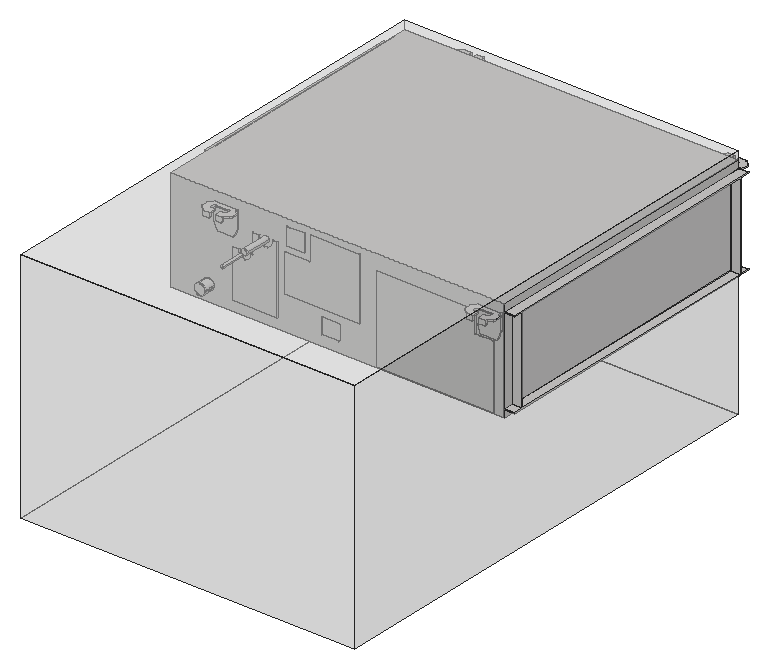
Revit family "outputfile", category 機械設備, Revit 2024
Family settings
  丸型コネクタ寸法 = 半径を使用
  パーツ タイプ = 標準
  OmniClass 番号 = 23.75.10.24.21.27.27
  OmniClass タイトル = Split System Air Conditioning Units
  作業面ベース = いいえ
  常に垂直 = はい
  ロード時にボイドで切り取り = いいえ
  注釈の向きを維持 = いいえ
  共有 = いいえ
  部屋計算ポイント = はい
Parameters (values of type "FBFC13EV2S")
  製造元 = "Daikin"
  書き出し IFC クラス(タイプ) = "IfcUnitaryEquipmentType"
  定義済み IFC タイプ(タイプ) = "AIRCONDITIONINGUNIT"
  モデル = "FBFC13EV2S"
  switch_frequency = yes
  r_Liquid Pipe Size = Liquid Pipe Size / 2  # 3.2 mm
  r_Gas Pipe Size = Gas Pipe Size / 2  # 6.35 mm
  r_Drain Pipe Size = Drain Pipe Size / 2  # 12.5 mm
  lw_power = 770.0 mm  # constant formula
  lh_SA = 138.0 mm  # constant formula
  lw_SA = if(Width = 550.0 mm, 225.0 mm, if(Width = 700.0 mm, 300.0 mm, if(Width = 1000.0 mm, 450.0 mm, if(Width = 1400.0 mm, 650.0 mm, 725.0 mm))))  # 300.0 mm
  lw_RA = if(Width = 550.0 mm, 275.0 mm, if(Width = 700.0 mm, 349.0 mm, if(Width = 1000.0 mm, 499.0 mm, if(Width = 1400.0 mm, 699.0 mm, 775.0 mm))))  # 349.0 mm
  lh_power = 60.0 mm + [h***]  # 60.0 mm
  lh_mountinghole1 = lh_mountinghole + [h***]  # 222.0 mm
  lh_RA = 123.0 mm  # constant formula
  ld_power = Width / 2  # 350.0 mm
  connector_voltage = Voltage_50Hz  # 220 V
  connector_powerinput = [Power Input (Cooling)]  # 1.120 kW
  connector_phase = Phase_50Hz  # 1
  Width = 700.0 mm
  Voltage_comment_50Hz = "220"
  Voltage_50Hz = 220 V
  Supply Air Direction [instance] = yes
  Phase_50Hz = 1
  Minimum External Static Pressure = 30.00 Pa
  Maximum External Static Pressure = 130.00 Pa
  Material_Casing = DAIKIN_GalvanizedSteel_Casing_indoorunit
  lw_mountinghole = 630.0 mm  # constant formula
  lh_gaspipe = 183.0 mm + [h***]  # 183.0 mm
  lh_mountinghole = 222.0 mm  # constant formula
  lh_liquidpipe = 136.0 mm + [h***]  # 136.0 mm
  lh_drainpipe = 38.0 mm + [h***]  # 38.0 mm
  lh_antena = Height - lh_mountinghole + 1.0 mm  # 24.0 mm
  ld_drainpipe = Width / 2 + 26.0 mm  # 376.0 mm
  ld_liquidpipe = Width / 2 + 69.0 mm  # 419.0 mm
  ld_gaspipe = Width / 2 + 65.0 mm  # 415.0 mm
  ld_mountinghole = Width + 38.0 mm  # 738.0 mm
  h*** = 0.0 mm  # constant formula
  lw_liquidpipe = 179.0 mm  # constant formula
  lw_gaspipe = 229.0 mm  # constant formula
  lw_drainpipe = 91.0 mm  # constant formula
  Version = "ver.1.0"
  Unit Type = "Duct"
  Unit Mass Weight = 26.00 kg
  Unit Designation [instance] = ""
  Uniclass2015Version = "Products v1.30"
  Uniclass2015Title = "Split coil room air conditioning units"
  Uniclass2015Code = "Pr_70_65_03_86"
  Total Cooling Capacity [instance] = 0.000 kW
  Sound Pressure Level_M speed (dBA) = 35
  Sound Pressure Level_L speed (dBA) = 30
  Sound Pressure Level_H speed (dBA) = 37
  Series = "SkyAir_Fan Coil Unit"
  Sensible Cooling Capacity [instance] = 0.000 kW
  SA Duct Size Width = 492.0 mm
  SA Duct Size Height = 176.0 mm
  Refrigerant Type = "R32"
  RA Duct Size Width = 654.0 mm
  RA Duct Size Height = 208.0 mm
  Power Input (Cooling) = 1.120 kW
  Option Accessory 3 [instance] = ""
  Option Accessory 2 [instance] = ""
  Option Accessory 1 [instance] = ""
  Nominal Cooling Capacity = 3.800 kW
  Minimum Airflow = 540.00 m³/h
  Median Airflow = 720.00 m³/h
  Maximum Airflow = 930.00 m³/h
  Load Classification = HVAC
  Liquid Pipe Size = 6.4 mm
  Link_Nested Family [instance] = ""
  IfcVersion = ""
  IfcExportType = "AIRCONDITIONINGUNIT"
  IfcExportAs = "IfcUnitaryEquipmentType"
  Height = 245.0 mm
  Heat Exchanger Type = "Cross Fin Coil"
  Gas Pipe Size = 12.7 mm
  Frequency_50Hz = 50 Hz
  Fan Type = "Sirocco Fan"
  Fan Drive = "Direct Drive"
  FCU Tag No. [instance] = ""
  Drain Pipe Size = 25.0 mm
  Design Supply Airflow [instance] = 0.00 m³/h
  Design Return Airflow [instance] = 0.00 m³/h
  Design External Static Pressure [instance] = 0.00 Pa
  既定の高さ = 0.0 mm
  Depth = 800.0 mm
  Cooling Entering Wet Bulb Temperature [instance] = 0.00 °C
  Cooling Entering Dry Bulb Temperature [instance] = 0.00 °C
  Cooling Ambient Wet Bulb Temperature [instance] = 0.00 °C
  Cooling Ambient Dry Bulb Temperature [instance] = 0.00 °C
  Clearance visibility [instance] = yes
  Clearance Top = 20.0 mm
  Clearance Right = 0.0 mm
  Clearance Rear = 0.0 mm
  Clearance Left = 0.0 mm
  Clearance Front = 450.0 mm
  Clearance Bottom = 300.0 mm
Reference planes
  plane 1 "Center (Front/Back)": y = 0
  plane 2 "h": z = 0
  plane 3 "Center (Left/Right)": x = 0
  plane 4 "Back": y = 350
  plane 5 "Front": y = -350
  plane 6 "Left": x = -400
  plane 7 "Right": x = 400
  plane 8 "Top": z = 0
  plane 9 "Bottom": z = -245
  plane 10: y = -215
  plane 11: y = 350
  plane 12: y = -800
  plane 13: x = -400
  plane 14: x = 400
  plane 15: z = 20
  plane 16: z = -545
  plane 17: x = -400
  plane 18: x = -399
  plane 19: x = 399
  plane 20: y = 50
  plane 21: y = -1
  plane 22: z = -122
  plane 23: y = -351
  plane 24: z = -109
  plane 25: x = -221
  plane 26: y = -415
  plane 27: z = -62
  plane 28: x = -171
  plane 29: y = -376
  plane 30: z = -207
  plane 31: x = -309
  plane 32: x = -309
  plane 33: x = -221
  plane 34: x = -171
  plane 35: x = 370
  plane 36: x = -266
  plane 37: x = 364
  plane 38: y = -369
  plane 39: y = 369
  plane 40: z = -23
  plane 41: z = -107
  plane 42: y = -419
  plane 43: z = -207
  plane 44: x = -309
  plane 45: y = -376
  plane 46: x = -251
  plane 47: x = -203
  plane 48: x = -144
  plane 49: z = -59
  plane 50: z = -106
  plane 51: z = -221
  plane 52: z = -109
  plane 53: x = -221
  plane 54: z = -62
  plane 55: x = -171
  plane 56: z = -17
  plane 57: z = -59
  plane 58: x = -121
  plane 59: x = -79
  plane 60: x = -125
  plane 61: x = -64
  plane 62: x = 53
  plane 63: z = -164
  plane 64: z = -73
  plane 65: z = -16
  plane 66: x = 93.5
  plane 67: x = 374.5
  plane 68: x = 330
  plane 69: z = -88.5
  plane 70: z = -38
  plane 71: z = -242.5
  plane 72: x = -38.5
  plane 73: x = 6.5
  plane 74: z = -181
  plane 75: z = -221
  plane 76: y = -349
  plane 77: x = -424
  plane 78: x = 424
Forms (mm)
  Extrusion 1, solid, material "DAIKIN_GalvanizedSteel_Casing_indoorunit" <- "Material_Casing"
    sketch origin (0, 0, 0) x (1, 0, 0) y (0, 1, 0)
      loop
        line (-399, 350) -> (-399, -350) -> (399, -350) -> (399, 350) -> (-399, 350)
    from -245 to 0
  Extrusion 2, solid, material "DAIKIN_GalvanizedSteel_Casing_indoorunit" <- "Material_Casing"
    sketch origin (0, 0, 0) x (1, 0, 0) y (0, 0, 1)
      loop
        line (-251, -221) -> (-144, -221) -> (-144, -59) -> (-154.47, -59)
        arc (-154.47, -59) -> (-171, -78.8) -> (-187.53, -59) r 16.8
        line (-187.53, -59) -> (-203, -59) -> (-203, -106) -> (-206.916, -106)
        arc (-206.916, -106) -> (-221, -123.4) -> (-235.084, -106) r 14.4
        line (-235.084, -106) -> (-251, -106) -> (-251, -221)
    from 350 to 351
  Extrusion 3, solid, material "DAIKIN_GalvanizedSteel_Casing_indoorunit" <- "Material_Casing"
    sketch origin (0, 0, 0) x (1, 0, 0) y (0, 0, 1)
      loop
        line (-121, -17) -> (-121, -59) -> (-79, -59) -> (-79, -17) -> (-121, -17)
      loop
        line (-125, -73) -> (-125, -164) -> (53, -164) -> (53, -16) -> (-64, -16) -> (-64, -73) -> (-125, -73)
    from 350 to 351
  Extrusion 4, solid, material "DAIKIN_GalvanizedSteel_Casing_indoorunit" <- "Material_Casing"
    sketch origin (0, 0, 0) x (1, 0, 0) y (0, 0, 1)
      loop
        line (93.5, -38) -> (93.5, -242.5) -> (374.5, -242.5) -> (374.5, -88.5) -> (330, -88.5) -> (330, -38) -> (93.5, -38)
    from 350 to 351
  Extrusion 5, solid, material "DAIKIN_GalvanizedSteel_Casing_indoorunit" <- "Material_Casing"
    sketch origin (0, 0, 0) x (1, 0, 0) y (0, 0, 1)
      loop
        circle (-221, -109) r 3.2
    from 350 to 419
  Extrusion 6, solid, material "DAIKIN_GalvanizedSteel_Casing_indoorunit" <- "Material_Casing"
    sketch origin (0, 0, 0) x (1, 0, 0) y (0, 0, 1)
      loop
        circle (-171, -62) r 6.35
    from 350 to 415
  Extrusion 7, solid, material "DAIKIN_GalvanizedSteel_Casing_indoorunit" <- "Material_Casing"
    sketch origin (0, 0, 0) x (1, 0, 0) y (0, 0, 1)
      loop
        circle (-309, -207) r 12.5
    from 351 to 376
  Extrusion 8, solid, material "DAIKIN_GalvanizedSteel_Casing_indoorunit" <- "Material_Casing"
    sketch origin (0, 0, 0) x (1, 0, 0) y (0, 0, 1)
      loop
        circle (-309, -207) r 13
    from 350 to 376
  Extrusion 9, void
    sketch origin (0, 0, 0) x (1, 0, 0) y (0, 0, 1)
      loop
        line (-38.5, -181) -> (-38.5, -221) -> (6.5, -221) -> (6.5, -181) -> (-38.5, -181)
    from 349 to 350
Cuts and joins
  Extrusion 9 cuts Extrusion 1
Dimensions and locks
  "Height": plane 8 "Top" to plane 9 "Bottom"
  equal spacing: plane 4 "Back", plane 1 "Center (Front/Back)", plane 5 "Front"
  "Width": plane 4 "Back" to plane 5 "Front"
  equal spacing: plane 6 "Left", plane 3 "Center (Left/Right)", plane 7 "Right"
  "Depth": plane 6 "Left" to plane 7 "Right"
  "Clearance Left": plane 13 to plane 6 "Left"
  "Clearance Right": plane 7 "Right" to plane 14
  "Clearance Rear": plane 11 to plane 4 "Back"
  "Clearance Front": plane 5 "Front" to plane 12
  "Clearance Top": plane 15 to plane 8 "Top"
  "Clearance Bottom": plane 9 "Bottom" to plane 16
  locked: plane 17 to plane 18 at 1
  locked: plane 19 to plane 14 at 1
  "lw_RA": plane 21 to plane 5 "Front"
  "lh_RA": plane 22 to plane 9 "Bottom"
  locked: plane 5 "Front" to plane 23 at 1
  "lw_liquidpipe": plane 25 to plane 6 "Left"
  "lh_liquidpipe": plane 24 to plane 9 "Bottom"
  "lh_gaspipe": plane 27 to plane 9 "Bottom"
  "lw_gaspipe": plane 28 to plane 6 "Left"
  "ld_gaspipe": plane 26 to plane 1 "Center (Front/Back)"
  "ld_drainpipe": plane 29 to plane 1 "Center (Front/Back)"
  "lh_drainpipe": plane 30 to plane 9 "Bottom"
  "lw_drainpipe": plane 31 to plane 6 "Left"
  "lw_drainpipe": plane 6 "Left" to plane 32
  "lw_liquidpipe": plane 6 "Left" to plane 33
  "lw_gaspipe": plane 6 "Left" to plane 34
  "lw_power": plane 6 "Left" to plane 35
  locked: plane 17 to plane 36 at 134
  "lw_mountinghole": plane 36 to plane 37
  equal spacing: plane 38, plane 1 "Center (Front/Back)", plane 39
  "ld_mountinghole": plane 39 to plane 38
  "lh_mountinghole": plane 40 to plane 9 "Bottom"
  "lh_SA": plane 41 to plane 9 "Bottom"
  locked: plane 44 to plane 6 "Left" at 91
  locked: plane 43 to plane 9 "Bottom" at 38
  locked: plane 5 "Front" to plane 45 at 26
  plane 48 to plane 47 to plane 46 to plane 6 "Left" = 59.0 mm, 48.0 mm, 149.0 mm
  plane 8 "Top" to plane 49 to plane 50 to plane 51 = 59.0 mm locked, 47.0 mm locked, 115.0 mm locked
  plane 55 to plane 53 to plane 6 "Left" = 50.0 mm locked, 179.0 mm locked
  plane 54 to plane 52 to plane 9 "Bottom" = 47.0 mm locked, 136.0 mm locked
  plane 59 to plane 58 to plane 6 "Left" = 42.0 mm locked, 279.0 mm locked
  plane 8 "Top" to plane 56 to plane 57 = 17.0 mm locked, 42.0 mm locked
  plane 62 to plane 61 to plane 60 to plane 6 "Left" = 117.0 mm, 61.0 mm, 275.0 mm
  plane 8 "Top" to plane 65 to plane 64 = 16.0 mm locked, 57.0 mm locked
  locked: plane 65 to plane 63 at 148
  plane 8 "Top" to plane 70 to plane 69 to plane 71 = 38.0 mm locked, 50.5 mm locked, 154.0 mm locked
  plane 67 to plane 68 to plane 66 to plane 6 "Left" = 44.5 mm locked, 236.5 mm locked, 493.5 mm locked
  plane 8 "Top" to plane 74 to plane 75 = 181.0 mm locked, 40.0 mm locked
  plane 73 to plane 72 to plane 6 "Left" = 45.0 mm, 361.5 mm
  locked: plane 76 to plane 5 "Front" at 1
  locked: plane 77 to plane 17 at 24
  locked: plane 14 to plane 78 at 24
  "ld_liquidpipe": plane 42 to plane 1 "Center (Front/Back)"
  "lw_SA": plane 4 "Back" to plane 20
  "r_Liquid Pipe Size": radius of Extrusion 5 sketch curve
  "r_Gas Pipe Size": radius of Extrusion 6 sketch curve
  "r_Drain Pipe Size": radius of Extrusion 7 sketch curve
  aligned and locked: level to plane 2 "h"
  aligned and locked: plane 8 "Top" to Extrusion 1
  aligned and locked: Extrusion 1 to plane 9 "Bottom"
  aligned and locked: nested 5 to plane 12
  aligned and locked: plane 13 to nested 5
  aligned and locked: plane 14 to nested 5
  aligned and locked: nested 5 to plane 13
  aligned and locked: plane 11 to nested 5
  aligned and locked: plane 15 to nested 5
  aligned and locked: plane 16 to nested 5
  aligned and locked: plane 5 "Front" to Extrusion 1 sketch curve
  aligned and locked: Extrusion 1 to plane 18
  aligned and locked: plane 19 to Extrusion 1
  aligned and locked: nested 7 to plane 18
  aligned and locked: nested 7 to plane 20
  aligned and locked: plane 19 to nested 8
  aligned and locked: plane 21 to nested 8
  aligned and locked: plane 22 to nested 8
  aligned and locked: Extrusion 2 to plane 23
  aligned and locked: plane 5 "Front" to Extrusion 2
  aligned and locked: Extrusion 3 to plane 23
  aligned and locked: plane 5 "Front" to Extrusion 3
  aligned and locked: plane 5 "Front" to Extrusion 4
  aligned and locked: Extrusion 5 sketch curve to plane 25
  aligned and locked: plane 24 to Extrusion 5 sketch curve
  aligned and locked: plane 5 "Front" to Extrusion 5
  aligned and locked: Extrusion 6 sketch curve to plane 28
  aligned and locked: plane 27 to Extrusion 6 sketch curve
  aligned and locked: plane 5 "Front" to Extrusion 6
  aligned and locked: Extrusion 7 sketch curve to plane 31
  aligned and locked: plane 30 to Extrusion 7 sketch curve
  aligned and locked: Extrusion 7 to plane 29
  aligned and locked: plane 23 to Extrusion 7
  aligned and locked: nested 3 to plane 29
  aligned and locked: plane 32 to nested 3
  aligned and locked: nested 2 to plane 33
  aligned and locked: nested 1 to plane 34
  aligned and locked: Extrusion 6 to plane 26
  aligned and locked: nested 1 to plane 26
  aligned and locked: nested 6 to plane 5 "Front"
  aligned and locked: nested 6 to plane 35
  aligned and locked: plane 36 to nested 10
  aligned and locked: nested 10 to plane 5 "Front"
  aligned and locked: plane 37 to nested 9
  aligned and locked: nested 9 to plane 5 "Front"
  aligned and locked: nested 11 to plane 36
  aligned and locked: plane 4 "Back" to nested 11
  aligned and locked: nested 12 to plane 37
  aligned and locked: plane 4 "Back" to nested 12
  aligned and locked: plane 40 to nested 10
  aligned and locked: plane 40 to nested 11
  aligned and locked: plane 40 to nested 9
  aligned and locked: plane 40 to nested 12
  aligned and locked: plane 36 to nested 14
  aligned and locked: nested 14 to plane 39
  aligned and locked: plane 37 to nested 13
  aligned and locked: nested 13 to plane 39
  aligned and locked: plane 37 to nested 16
  aligned and locked: plane 38 to nested 16
  aligned and locked: plane 38 to nested 15
  aligned and locked: plane 36 to nested 15
  aligned and locked: plane 17 to plane 6 "Left"
  aligned and locked: plane 41 to nested 7
  aligned and locked: Extrusion 5 to plane 42
  aligned and locked: nested 2 to plane 42
  aligned and locked: Extrusion 8 sketch curve to plane 44
  aligned and locked: plane 43 to Extrusion 8 sketch curve
  aligned and locked: plane 5 "Front" to Extrusion 8
  aligned and locked: plane 45 to Extrusion 8
  aligned and locked: Extrusion 3 sketch curve to plane 56
  aligned and locked: Extrusion 3 sketch curve to plane 58
  aligned and locked: plane 57 to Extrusion 3 sketch curve
  aligned and locked: plane 59 to Extrusion 3 sketch curve
  aligned and locked: Extrusion 4 to plane 23
  aligned and locked: Extrusion 9 sketch curve to plane 74
  aligned and locked: plane 75 to Extrusion 9 sketch curve
  aligned and locked: plane 73 to Extrusion 9 sketch curve
  aligned and locked: plane 5 "Front" to Extrusion 9
  aligned and locked: plane 76 to Extrusion 9
  aligned and locked: nested 17 to plane 20
  aligned and locked: nested 17 to plane 77
  aligned and locked: plane 21 to nested 18
  aligned and locked: plane 78 to nested 18
  aligned and locked: plane 41 to nested 17
  aligned and locked: nested 18 to plane 22
  aligned and locked: nested 4 to plane 3 "Center (Left/Right)"
  aligned and locked: plane 1 "Center (Front/Back)" to nested 4
  aligned and locked: level to plane 8 "Top"
Automatic sketch dimensions
  plane 6 "Left" to Extrusion 1 sketch curve = 1.0 mm
  Extrusion 1 sketch curve to plane 7 "Right" = 1.0 mm
  Extrusion 1 sketch curve to plane 4 "Back" = 0.0 mm
  Extrusion 2 sketch curve to plane 46 = 0.0 mm
  Extrusion 2 sketch curve to plane 33 = 0.0 mm
  Extrusion 2 sketch curve to plane 47 = 0.0 mm
  Extrusion 2 sketch curve to plane 34 = 0.0 mm
  Extrusion 2 sketch curve to plane 48 = 0.0 mm
  Extrusion 2 sketch curve to plane 51 = 0.0 mm
  Extrusion 2 sketch curve to plane 52 = 0.0 mm
  Extrusion 2 sketch curve to plane 50 = 0.0 mm  (x3)
  Extrusion 2 sketch curve to plane 54 = 0.0 mm
  Extrusion 2 sketch curve to plane 49 = 0.0 mm  (x3)
  plane 33 to Extrusion 2 sketch curve = 14.084 mm
  plane 34 to Extrusion 2 sketch curve = 16.53 mm
  Extrusion 3 sketch curve to plane 60 = 0.0 mm
  Extrusion 3 sketch curve to plane 61 = 0.0 mm
  Extrusion 3 sketch curve to plane 62 = 0.0 mm
  Extrusion 3 sketch curve to plane 63 = 0.0 mm
  Extrusion 3 sketch curve to plane 64 = 0.0 mm
  Extrusion 3 sketch curve to plane 65 = 0.0 mm
  Extrusion 4 sketch curve to plane 66 = 0.0 mm
  Extrusion 4 sketch curve to plane 68 = 0.0 mm
  Extrusion 4 sketch curve to plane 67 = 0.0 mm
  Extrusion 4 sketch curve to plane 71 = 0.0 mm
  Extrusion 4 sketch curve to plane 69 = 0.0 mm
  Extrusion 4 sketch curve to plane 70 = 0.0 mm
  Extrusion 9 sketch curve to plane 72 = 0.0 mm
  radius of Extrusion 8 sketch curve = 13.0 mm
Nested families
  nested 1: "daikin_connector_rotate2" at (-171, 0, -62), length <- "ld_gaspipe", built-in parameter 1001364 <- "lh_gaspipe", radius <- "r_Gas Pipe Size", type "daikin_connector_rotate2"
    with radius 6.35 mm, length 415.0 mm, angle_vertical 90.00°
  nested 2: "daikin_connector_rotate2" at (-221, 0, -109), length <- "ld_liquidpipe", built-in parameter 1001364 <- "lh_liquidpipe", radius <- "r_Liquid Pipe Size", type "daikin_connector_rotate2"
    with radius 3.2 mm, length 419.0 mm, angle_vertical 90.00°
  nested 3: "daikin_connector_rotate2" at (-309, 0, -207), length <- "ld_drainpipe", built-in parameter 1001364 <- "lh_drainpipe", radius <- "r_Drain Pipe Size", type "daikin_connector_rotate2"
    with radius 12.5 mm, length 376.0 mm, angle_vertical 90.00°
  nested 4: "daikin_△_symbolicline" at (0, 0, 245) x (0, -1, 0) z (0, 0, 1), built-in parameter 1001364 <- "Height", visible <- "Supply Air Direction", type "daikin_△_symbolicline"
    with length 200.0 mm
  nested 5: "daikin_clearancespace" at (0, -225, -262.381), visible <- "Clearance visibility", show <- "Clearance visibility", Link_Nested Family <- "Link_Nested Family", type "daikin_clearancespace"
    with width 800.0 mm, show yes, height 565.0 mm, depth 1150.0 mm, Link_Nested Family ""
  nested 6: "daikin_connector_rotate2" at (370, 0, -185), built-in parameter 1001364 <- "lh_power", length <- "ld_power", type "daikin_connector_rotate2"
    with radius 10.0 mm, length 350.0 mm, angle_vertical 90.00°
  nested 7: "daikin_ductflange_FBFC-EV2S2" at (-399, 50, -107) x (0, -1, 0) z (0, 0, 1), type "daikin_ductflange_FBFC-EV2S2"
    with width 492.0 mm, w 700.0 mm
  nested 8: "daikin_ductflange_FBFC-EV2S" at (399, -1, -122) x (0, 1, 0) z (0, 0, 1), type "daikin_ductflange_FBFC-EV2S"
  nested 9: "daikin_hangerfixture_FBFC-EV2S" at (364, -350, -23), type "daikin_hangerfixture_FBFC-EV2S"
  nested 10: "daikin_hangerfixture_FBFC-EV2S" at (-266, -350, -23), type "daikin_hangerfixture_FBFC-EV2S"
  nested 11: "daikin_hangerfixture_FBFC-EV2S" at (-266, 350, -23) x (-1, 0, 0) z (0, 0, 1), type "daikin_hangerfixture_FBFC-EV2S"
  nested 12: "daikin_hangerfixture_FBFC-EV2S" at (364, 350, -23) x (-1, 0, 0) z (0, 0, 1), type "daikin_hangerfixture_FBFC-EV2S"
  nested 13: "daikin_mountinghole" at (364, 369, -245), h_mountinghole <- "lh_mountinghole1", l_antenna <- "lh_antena", Link_Nested Family <- "Link_Nested Family", type "daikin_mountinghole"
    with show yes, l_antenna 24.0 mm, h_mountinghole 222.0 mm, Link_Nested Family ""
  nested 14: "daikin_mountinghole" at (-266, 369, -245), h_mountinghole <- "lh_mountinghole1", l_antenna <- "lh_antena", Link_Nested Family <- "Link_Nested Family", type "daikin_mountinghole"
    with show yes, l_antenna 24.0 mm, h_mountinghole 222.0 mm, Link_Nested Family ""
  nested 15: "daikin_mountinghole" at (-266, -369, -245), h_mountinghole <- "lh_mountinghole1", l_antenna <- "lh_antena", Link_Nested Family <- "Link_Nested Family", type "daikin_mountinghole"
    with show yes, l_antenna 24.0 mm, h_mountinghole 222.0 mm, Link_Nested Family ""
  nested 16: "daikin_mountinghole" at (364, -369, -245), h_mountinghole <- "lh_mountinghole1", l_antenna <- "lh_antena", Link_Nested Family <- "Link_Nested Family", type "daikin_mountinghole"
    with show yes, l_antenna 24.0 mm, h_mountinghole 222.0 mm, Link_Nested Family ""
  nested 17: "daikin_connector_rotate2" at (-400, 50, -107) x (0, -1, 0) z (0, 0, 1), type "daikin_connector_rotate2"
    with radius 10.0 mm, length 24.0 mm, angle_vertical 90.00°
  nested 18: "daikin_connector_rotate2" at (400, -1, -122) x (0, 1, 0) z (0, 0, 1), type "daikin_connector_rotate2"
    with radius 10.0 mm, length 24.0 mm, angle_vertical 90.00°
Connectors
  piping at (-309, -376, -207), diameter 25, driven by "r_Drain Pipe Size"
    settings: on nested 3, index 3, connector inside diameter 609.6 mm, connector length 0.0 mm, flow factor 0, pipe flow 0.00 m³/h, pressure drop 0.0 Pa, fitting loss kfactor 0, connector angle 0.00°, fixture units 0, engagement length 0.0 mm, angle of deflection 0.00°, flow configuration 1, flow direction 2, fitting loss method 4, system type 16, joint type 0, gender type 0, connector reference index -1, connector utility 0, adjustable connector no, is connector primary yes, connector description "Condensate Drain Piping"
  piping at (-171, -415, -62), diameter 12.7, driven by "r_Gas Pipe Size"
    settings: on nested 1, index 4, connector inside diameter 609.6 mm, connector length 0.0 mm, flow factor 0, pipe flow 0.00 m³/h, pressure drop 0.0 Pa, fitting loss kfactor 0, connector angle 0.00°, fixture units 0, engagement length 0.0 mm, angle of deflection 0.00°, flow configuration 1, flow direction 2, fitting loss method 0, system type 29, joint type 0, gender type 0, connector reference index -1, connector utility 0, adjustable connector no, is connector primary no, connector description "Refrigerant Gas Piping"
  piping at (-221, -419, -109), diameter 6.4, driven by "r_Liquid Pipe Size"
    settings: on nested 2, index 5, connector inside diameter 609.6 mm, connector length 0.0 mm, flow factor 0, pipe flow 0.00 m³/h, pressure drop 0.0 Pa, fitting loss kfactor 0, connector angle 0.00°, fixture units 0, engagement length 0.0 mm, angle of deflection 0.00°, flow configuration 1, flow direction 1, fitting loss method 0, system type 29, joint type 0, gender type 0, connector reference index -1, connector utility 0, adjustable connector no, is connector primary no, connector description "Refrigerant Liquid Piping"
  electrical at (370, -350, -185), driven by "Load Classification", driven by "connector_powerinput", driven by "connector_voltage", driven by "connector_phase"
    settings: on nested 6, index 6, voltage 220 V, apparent load 1120 VA, apparent load phase1 0 VA, apparent load phase2 0 VA, apparent load phase3 0 VA, power factor 1, load classification "HVAC", number of poles 1, system type 30, power factor state 1, is connector primary yes, connector utility no, sub classification motor no, connector description "Power Supply"
  hvac at (-424, 50, -107), driven by "SA Duct Size Height", driven by "SA Duct Size Width"
    settings: on nested 17, index 7, duct flow 0.00 m³/h, flow factor 0, pres drop 0.00 Pa, loss coef 0, conn angle 0.00°, conn width 492.0 mm, conn height 176.0 mm, conn diameter 609.6 mm, duct sys type 1, conn prof type 1, flow config 0, flow direction 2, loss method 4, conn ref index -1, conn util no, is conn primary yes, conn desc "SA Duct"
  hvac at (424, -1, -122), driven by "RA Duct Size Height", driven by "RA Duct Size Width"
    settings: on nested 18, index 8, duct flow 0.00 m³/h, flow factor 0, pres drop 0.00 Pa, loss coef 0, conn angle 0.00°, conn width 654.0 mm, conn height 208.0 mm, conn diameter 609.6 mm, duct sys type 2, conn prof type 1, flow config 0, flow direction 1, loss method 4, conn ref index -1, conn util no, is conn primary no, conn desc "RA Duct"
Definition of nested family "daikin_clearancespace"
  Parameters (values of type "daikin_clearancespace")
    Description = "daikin_clearancespace"
    width [instance] = 1823.963 mm
    show [instance] = yes
    material = none
    height [instance] = 1359.762 mm
    depth [instance] = 880.0 mm
    Default Elevation = 0.0 mm
    Link_Nested Family [instance] = ""
  Reference planes
    plane 1 "Center (Front/Back)": y = 0
    plane 2 "Center (Elevation)": z = -0.119
    plane 3 "Center (Left/Right)": x = 0
    plane 4: y = 440
    plane 5: y = -440
    plane 6 "Right": x = 911.982
    plane 7 "Left": x = -911.982
    plane 8 "Top": z = 679.762
    plane 9 "Bottom": z = -680
  Forms (mm)
    Extrusion 1, solid, material <- "material", visible <- "show"
      sketch origin (0, 0, 0) x (1, 0, 0) y (0, 1, 0)
        loop
          line (-911.982, 440) -> (-911.982, -440) -> (911.982, -440) -> (911.982, 440) -> (-911.982, 440)
      from -680 to 679.762
  Lines and regions (mm)
    symbolic lines, visible <- "show"
      curve 1: line (911.982, 440, 0) -> (-911.982, 440, 0)
      curve 2: line (-911.982, 440, 0) -> (-911.982, -440, 0)
      curve 3: line (-911.982, -440, 0) -> (911.982, -440, 0)
      curve 4: line (911.982, -440, 0) -> (911.982, 440, 0)
      curve 5: line (911.982, 0, 679.762) -> (-911.982, 0, 679.762)
      curve 6: line (911.982, 0, -680) -> (911.982, 0, 679.762)
      curve 7: line (-911.982, 0, -680) -> (911.982, 0, -680)
      curve 8: line (-911.982, 0, 679.762) -> (-911.982, 0, -680)
      curve 9: line (0, 440, 679.762) -> (0, -440, 679.762)
      curve 10: line (0, -440, 679.762) -> (0, -440, -680)
      curve 11: line (0, 440, -680) -> (0, 440, 679.762)
      curve 12: line (0, -440, -680) -> (0, 440, -680)
  Dimensions and locks
    "width": plane 7 "Left" to plane 6 "Right"
    "depth": plane 4 to plane 5
    "height": plane 8 "Top" to plane 9 "Bottom"
    equal spacing: plane 7 "Left", plane 3 "Center (Left/Right)", plane 6 "Right"
    equal spacing: plane 4, plane 1 "Center (Front/Back)", plane 5
    equal spacing: plane 8 "Top", plane 2 "Center (Elevation)", plane 9 "Bottom"
    aligned and locked: level to plane 2 "Center (Elevation)"
    aligned and locked: Extrusion 1 sketch curve to plane 4
    aligned and locked: plane 7 "Left" to Extrusion 1 sketch curve
    aligned and locked: Extrusion 1 sketch curve to plane 5
    aligned and locked: Extrusion 1 sketch curve to plane 6 "Right"
    aligned and locked: plane 8 "Top" to Extrusion 1
    aligned and locked: curve 1 to Extrusion 1
    aligned and locked: curve 2 to Extrusion 1
    aligned and locked: curve 3 to Extrusion 1
    aligned and locked: curve 4 to Extrusion 1
    aligned and locked: curve 5 to Extrusion 1
    aligned and locked: curve 6 to Extrusion 1
    aligned and locked: curve 7 to Extrusion 1
    aligned and locked: curve 8 to Extrusion 1
    aligned and locked: curve 9 to Extrusion 1
    aligned and locked: curve 10 to Extrusion 1
    aligned and locked: curve 11 to Extrusion 1
    aligned and locked: curve 12 to Extrusion 1
    aligned and locked: Extrusion 1 to plane 9 "Bottom"
Definition of nested family "daikin_ductflange_FBFC-EV2S2"
  Parameters (values of type "daikin_ductflange_FBFC-DVMG2")
    width = if(w = 550.0 mm, 337.0 mm, if(w = 700.0 mm, 492.0 mm, if(w = 1000.0 mm, 792.0 mm, if(w = 1400.0 mm, 1192.0 mm, 1337.0 mm))))  # 1192.0 mm
    material = none
    height = 215.0 mm
    depth = 1.0 mm
    w = 1400.0 mm
    Default Elevation = 0.0 mm
  Reference planes
    plane 1 "Center (Front/Back)": y = 0
    plane 2: z = 0
    plane 3 "Center (Left/Right)": x = 0
    plane 4: z = 88
    plane 5: z = -88
    plane 6: y = -25
    plane 7: z = 106
    plane 8: z = 89
    plane 9: y = -1
    plane 10: x = -617.5
    plane 11: x = 617.5
    plane 12: z = -106
    plane 13: z = -89
    plane 14: y = -1
    plane 15: x = 596
    plane 16: x = -596
    plane 17: x = 597
    plane 18: z = 87
    plane 19: z = -87
    plane 20: x = -597
    plane 21: z = 87
    plane 22: z = -87
    plane 23: y = -1
  Forms (mm)
    Extrusion 1, solid, material <- "material"
      sketch origin (0, 0, 0) x (0, 1, 0) y (0, 0, 1)
        loop
          line (-25, 88) -> (0, 88) -> (0, 106) -> (-1, 106) -> (-1, 89) -> (-25, 89) -> (-25, 88)
      from -617.5 to 617.5
    Extrusion 2, solid, material <- "material"
      sketch origin (0, 0, 0) x (0, 1, 0) y (0, 0, 1)
        loop
          line (-25, -88) -> (-25, -89) -> (-1, -89) -> (-1, -106) -> (0, -106) -> (0, -88) -> (-25, -88)
      from -617.5 to 617.5
    Extrusion 3, solid, material <- "material"
      sketch origin (0, 0, 0) x (1, 0, 0) y (0, 0, 1)
        loop
          line (596, 88) -> (596, -88) -> (617.5, -88) -> (617.5, -87) -> (597, -87) -> (597, 87) -> (617.5, 87) -> (617.5, 88) -> (596, 88)
      from 0 to 25
    Extrusion 4, solid, material <- "material"
      sketch origin (0, 0, 0) x (1, 0, 0) y (0, 0, 1)
        loop
          line (-617.5, 88) -> (-617.5, 87) -> (-597, 87) -> (-597, -87) -> (-617.5, -87) -> (-617.5, -88) -> (-596, -88) -> (-596, 88) -> (-617.5, 88)
      from 0 to 25
    Extrusion 5, solid, material <- "material"
      sketch origin (0, 0, 0) x (1, 0, 0) y (0, 0, 1)
        loop
          line (-617.5, 88) -> (-617.5, -88) -> (-596, -88) -> (-596, 88) -> (-617.5, 88)
        loop
          line (617.5, 88) -> (596, 88) -> (596, -88) -> (617.5, -88) -> (617.5, 88)
      from 0 to 1
  Cuts and joins
    joined: Extrusion 1, Extrusion 2, Extrusion 3, Extrusion 4, Extrusion 5
  Dimensions and locks
    plane 4 to level to plane 5 = 88.0 mm, 88.0 mm
    locked: plane 6 to plane 1 "Center (Front/Back)" at 25
    locked: plane 9 to plane 1 "Center (Front/Back)" at 1
    locked: plane 8 to plane 4 at 1
    locked: plane 16 to plane 10 at 21.5
    locked: plane 17 to plane 15 at 1
    locked: plane 4 to plane 18 at 1
    locked: plane 19 to plane 5 at 1
    "width": plane 15 to plane 16
    plane 4 to plane 5 = 176.0 mm
    locked: plane 16 to plane 20 at 1
    locked: plane 4 to plane 21 at 1
    locked: plane 22 to plane 5 at 1
    locked: plane 23 to plane 1 "Center (Front/Back)" at 1
    plane 4 to level to plane 5 = 88.0 mm locked, 88.0 mm locked
    locked: plane 5 to plane 13 at 1
    locked: plane 5 to plane 12 at 18
    locked: plane 7 to plane 4 at 18
    equal spacing: plane 15, plane 3 "Center (Left/Right)", plane 16
    locked: plane 11 to plane 15 at 21.5
    plane 11 to plane 10 = 1235.0 mm
    aligned and locked: level to plane 2
    aligned and locked: Extrusion 1 to plane 10
    aligned and locked: plane 11 to Extrusion 1
    aligned and locked: plane 5 to Extrusion 2
    aligned and locked: Extrusion 2 to plane 1 "Center (Front/Back)"
    aligned and locked: plane 15 to Extrusion 3 sketch curve
    aligned and locked: Extrusion 3 sketch curve to Extrusion 2  (x2)
    aligned and locked: Extrusion 3 sketch curve to plane 11
    aligned and locked: plane 6 to Extrusion 3
    aligned and locked: Extrusion 2 to plane 10
    aligned and locked: plane 11 to Extrusion 2
    aligned and locked: Extrusion 4 sketch curve to Extrusion 1  (x2)
    aligned and locked: plane 5 to Extrusion 4 sketch curve
    aligned and locked: Extrusion 4 sketch curve to plane 16
    aligned and locked: Extrusion 4 sketch curve to plane 22
    aligned and locked: plane 20 to Extrusion 4 sketch curve
    aligned and locked: plane 21 to Extrusion 4 sketch curve
    aligned and locked: Extrusion 4 to plane 1 "Center (Front/Back)"
    aligned and locked: plane 6 to Extrusion 4
    aligned and locked: Extrusion 5 sketch curve to Extrusion 1  (x4)
    aligned and locked: Extrusion 5 sketch curve to Extrusion 4  (x2)
    aligned and locked: Extrusion 5 sketch curve to Extrusion 3  (x2)
    aligned and locked: Extrusion 5 to plane 1 "Center (Front/Back)"
    aligned and locked: plane 23 to Extrusion 5
  Automatic sketch dimensions
    Extrusion 1 sketch curve to plane 6 = 0.0 mm
    Extrusion 1 sketch curve to plane 7 = 0.0 mm
    Extrusion 1 sketch curve to plane 9 = 0.0 mm
    Extrusion 1 sketch curve to plane 1 "Center (Front/Back)" = 0.0 mm
    Extrusion 1 sketch curve to plane 4 = 0.0 mm
    Extrusion 1 sketch curve to plane 8 = 0.0 mm
    Extrusion 2 sketch curve to plane 6 = 0.0 mm
    plane 12 to Extrusion 2 sketch curve = 0.0 mm
    Extrusion 2 sketch curve to plane 14 = 0.0 mm
    Extrusion 2 sketch curve to plane 1 "Center (Front/Back)" = 0.0 mm
    plane 13 to Extrusion 2 sketch curve = 0.0 mm
    Extrusion 2 sketch curve to plane 5 = 0.0 mm
    Extrusion 3 sketch curve to plane 17 = 0.0 mm
    Extrusion 3 sketch curve to plane 19 = 0.0 mm
    Extrusion 3 sketch curve to plane 18 = 0.0 mm
    Extrusion 3 sketch curve to plane 4 = 0.0 mm
    Extrusion 4 sketch curve to plane 10 = 0.0 mm
Definition of nested family "daikin_ductflange_FBFC-EV2S"
  Parameters (values of type "daikin_ductflange_FBFC-DVMG")
    width = if(w = 550.0 mm, 502.0 mm, if(w = 700.0 mm, 654.0 mm, if(w = 1000.0 mm, 952.0 mm, if(w = 1400.0 mm, 1352.0 mm, 1502.0 mm))))  # 654.0 mm
    material = none
    lw = if(width = 654.0 mm, 23.0 mm, 25.0 mm)  # 23.0 mm
    height = 208.0 mm
    depth = 1.0 mm
    w = 700.0 mm
    Default Elevation = 0.0 mm
  Reference planes
    plane 1 "Center (Front/Back)": y = 0
    plane 2: z = 0
    plane 3 "Center (Left/Right)": x = 0
    plane 4: z = 104
    plane 5: z = -104
    plane 6: y = -25
    plane 7: z = 121
    plane 8: z = 105
    plane 9: y = -1
    plane 10: x = -350
    plane 11: x = 350
    plane 12: z = -122
    plane 13: z = -105
    plane 14: y = -1
    plane 15: x = 327
    plane 16: x = -327
    plane 17: x = 328
    plane 18: z = 103
    plane 19: z = -103
    plane 20: x = -328
    plane 21: z = 103
    plane 22: z = -103
    plane 23: y = -1
  Forms (mm)
    Extrusion 1, solid, material <- "material"
      sketch origin (0, 0, 0) x (0, 1, 0) y (0, 0, 1)
        loop
          line (-25, 104) -> (0, 104) -> (0, 121) -> (-1, 121) -> (-1, 105) -> (-25, 105) -> (-25, 104)
      from -350 to 350
    Extrusion 2, solid, material <- "material"
      sketch origin (0, 0, 0) x (0, 1, 0) y (0, 0, 1)
        loop
          line (-25, -104) -> (-25, -105) -> (-1, -105) -> (-1, -122) -> (0, -122) -> (0, -104) -> (-25, -104)
      from -350 to 350
    Extrusion 3, solid, material <- "material"
      sketch origin (0, 0, 0) x (1, 0, 0) y (0, 0, 1)
        loop
          line (327, 104) -> (327, -104) -> (350, -104) -> (350, -103) -> (328, -103) -> (328, 103) -> (350, 103) -> (350, 104) -> (327, 104)
      from 0 to 25
    Extrusion 4, solid, material <- "material"
      sketch origin (0, 0, 0) x (1, 0, 0) y (0, 0, 1)
        loop
          line (-350, 104) -> (-350, 103) -> (-328, 103) -> (-328, -103) -> (-350, -103) -> (-350, -104) -> (-327, -104) -> (-327, 104) -> (-350, 104)
      from 0 to 25
    Extrusion 5, solid, material <- "material"
      sketch origin (0, 0, 0) x (1, 0, 0) y (0, 0, 1)
        loop
          line (-350, 104) -> (-350, -104) -> (-327, -104) -> (-327, 104) -> (-350, 104)
        loop
          line (350, 104) -> (327, 104) -> (327, -104) -> (350, -104) -> (350, 104)
      from 0 to 1
  Cuts and joins
    joined: Extrusion 1, Extrusion 2, Extrusion 3, Extrusion 4, Extrusion 5
  Dimensions and locks
    plane 4 to level to plane 5 = 104.0 mm, 104.0 mm
    locked: plane 6 to plane 1 "Center (Front/Back)" at 25
    locked: plane 9 to plane 1 "Center (Front/Back)" at 1
    locked: plane 8 to plane 4 at 1
    "lw": plane 11 to plane 15
    "lw": plane 16 to plane 10
    locked: plane 17 to plane 15 at 1
    locked: plane 4 to plane 18 at 1
    locked: plane 19 to plane 5 at 1
    "width": plane 15 to plane 16
    equal spacing: plane 15, plane 3 "Center (Left/Right)", plane 16
    locked: plane 16 to plane 20 at 1
    locked: plane 4 to plane 21 at 1
    locked: plane 22 to plane 5 at 1
    locked: plane 23 to plane 1 "Center (Front/Back)" at 1
    locked: plane 7 to plane 4 at 17
    locked: plane 1 "Center (Front/Back)" to plane 14 at 1
    locked: plane 5 to plane 13 at 1
    "height": plane 4 to plane 5
    plane 11 to plane 10 = 700.0 mm
    locked: plane 12 to plane 13 at 17
    equal spacing: plane 4, level, plane 5
    aligned and locked: level to plane 2
    aligned and locked: Extrusion 1 to plane 10
    aligned and locked: plane 11 to Extrusion 1
    aligned and locked: plane 5 to Extrusion 2
    aligned and locked: Extrusion 2 to plane 1 "Center (Front/Back)"
    aligned and locked: plane 15 to Extrusion 3 sketch curve
    aligned and locked: Extrusion 3 sketch curve to Extrusion 2  (x2)
    aligned and locked: Extrusion 3 sketch curve to plane 11
    aligned and locked: plane 6 to Extrusion 3
    aligned and locked: Extrusion 2 to plane 10
    aligned and locked: plane 11 to Extrusion 2
    aligned and locked: Extrusion 4 sketch curve to Extrusion 1  (x2)
    aligned and locked: plane 5 to Extrusion 4 sketch curve
    aligned and locked: Extrusion 4 sketch curve to plane 16
    aligned and locked: Extrusion 4 sketch curve to plane 22
    aligned and locked: plane 20 to Extrusion 4 sketch curve
    aligned and locked: plane 21 to Extrusion 4 sketch curve
    aligned and locked: Extrusion 4 to plane 1 "Center (Front/Back)"
    aligned and locked: plane 6 to Extrusion 4
    aligned and locked: Extrusion 5 sketch curve to Extrusion 1  (x4)
    aligned and locked: Extrusion 5 sketch curve to Extrusion 4  (x2)
    aligned and locked: Extrusion 5 sketch curve to Extrusion 3  (x2)
    aligned and locked: Extrusion 5 to plane 1 "Center (Front/Back)"
    aligned and locked: plane 23 to Extrusion 5
  Automatic sketch dimensions
    Extrusion 1 sketch curve to plane 6 = 0.0 mm
    Extrusion 1 sketch curve to plane 7 = 0.0 mm
    Extrusion 1 sketch curve to plane 9 = 0.0 mm
    Extrusion 1 sketch curve to plane 1 "Center (Front/Back)" = 0.0 mm
    Extrusion 1 sketch curve to plane 4 = 0.0 mm
    Extrusion 1 sketch curve to plane 8 = 0.0 mm
    Extrusion 2 sketch curve to plane 6 = 0.0 mm
    plane 12 to Extrusion 2 sketch curve = 0.0 mm
    Extrusion 2 sketch curve to plane 14 = 0.0 mm
    Extrusion 2 sketch curve to plane 1 "Center (Front/Back)" = 0.0 mm
    plane 13 to Extrusion 2 sketch curve = 0.0 mm
    Extrusion 2 sketch curve to plane 5 = 0.0 mm
    Extrusion 3 sketch curve to plane 17 = 0.0 mm
    Extrusion 3 sketch curve to plane 19 = 0.0 mm
    Extrusion 3 sketch curve to plane 18 = 0.0 mm
    Extrusion 3 sketch curve to plane 4 = 0.0 mm
    Extrusion 4 sketch curve to plane 10 = 0.0 mm
Definition of nested family "daikin_hangerfixture_FBFC-EV2S"
  Parameters (values of type "daikin_hangerfixture_FXMQ-PAVE")
    width = 72.0 mm
    material = none
    height = 60.0 mm
    depth = 41.0 mm
    Default Elevation = 0.0 mm
  Reference planes
    plane 1 "Center (Front/Back)": y = 0
    plane 2: z = 0
    plane 3 "Center (Left/Right)": x = 0
    plane 4: y = 417.146
    plane 5: y = -41
    plane 6: x = -36
    plane 7: x = 36
    plane 8: z = -2.3
    plane 9: z = -60
    plane 10: y = -2.3
    plane 11: z = -12
    plane 12: y = -38.7
  Forms (mm)
    Extrusion 1, solid, material <- "material"
      sketch origin (0, 0, 0) x (1, 0, 0) y (0, 1, 0)
        loop
          line (-28, 0) -> (-28, -5)
          arc (-28, -5) -> (-29.127, -8.162) -> (-32, -9.899) r 5
          arc (-32, -9.899) -> (-34.873, -11.636) -> (-36, -14.798) r 5
          line (-36, -14.798) -> (-36, -27.178)
          arc (-36, -27.178) -> (-35.429, -29.499) -> (-33.846, -31.289) r 5
          line (-33.846, -31.289) -> (-23, -38.798) -> (-23, -41.098) -> (-6.5, -41.098) -> (-6.5, -28.498)
          arc (-6.5, -28.498) -> (-7.379, -26.377) -> (-9.5, -25.498) r 3
          line (-9.5, -25.498) -> (-13.5, -25.498)
          arc (-13.5, -25.498) -> (-20, -18.998) -> (-13.5, -12.498) r 6.5
          line (-13.5, -12.498) -> (13.5, -12.498)
          arc (13.5, -12.498) -> (20, -18.998) -> (13.5, -25.498) r 6.5
          line (13.5, -25.498) -> (9.5, -25.498)
          arc (9.5, -25.498) -> (7.379, -26.377) -> (6.5, -28.498) r 3
          line (6.5, -28.498) -> (6.5, -41.098) -> (23, -41.098) -> (23, -38.798) -> (33.846, -31.289)
          arc (33.846, -31.289) -> (35.429, -29.499) -> (36, -27.178) r 5
          line (36, -27.178) -> (36, -14.596)
          arc (36, -14.596) -> (34.873, -11.434) -> (32, -9.697) r 5
          arc (32, -9.697) -> (29.127, -7.96) -> (28, -4.798) r 5
          line (28, -4.798) -> (28, 0) -> (-28, 0)
      from 0 to -2.3
    Extrusion 2, solid, material <- "material"
      sketch origin (0, 0, 0) x (1, 0, 0) y (0, 0, 1)
        loop
          line (28, -39.037) -> (28, 0) -> (-28, 0) -> (-28, -39.037)
          arc (-28, -39.037) -> (-27.91, -39.983) -> (-27.642, -40.894) r 5
          line (-27.642, -40.894) -> (-21.257, -56.857)
          arc (-21.257, -56.857) -> (-19.418, -59.14) -> (-16.615, -60) r 5
          line (-16.615, -60) -> (16.615, -60)
          arc (16.615, -60) -> (19.418, -59.14) -> (21.257, -56.857) r 5
          line (21.257, -56.857) -> (27.642, -40.894)
          arc (27.642, -40.894) -> (27.91, -39.983) -> (28, -39.037) r 5
      from 0 to 2.3
    Extrusion 3, solid, material <- "material"
      sketch origin (0, 0, 0) x (1, 0, 0) y (0, 0, 1)
        loop
          line (-23, 0) -> (-23, -9)
          arc (-23, -9) -> (-22.121, -11.121) -> (-20, -12) r 3
          line (-20, -12) -> (-9.5, -12)
          arc (-9.5, -12) -> (-7.379, -11.121) -> (-6.5, -9) r 3
          line (-6.5, -9) -> (-6.5, 0) -> (-23, 0)
        loop
          line (23, 0) -> (6.5, 0) -> (6.5, -9)
          arc (6.5, -9) -> (7.379, -11.121) -> (9.5, -12) r 3
          line (9.5, -12) -> (20, -12)
          arc (20, -12) -> (22.121, -11.121) -> (23, -9) r 3
          line (23, -9) -> (23, 0)
      from 38.8 to 41.098
  Cuts and joins
    joined: Extrusion 1, Extrusion 2, Extrusion 3
  Dimensions and locks
    plane 2 to plane 8 = 2.3 mm
    "height": plane 2 to plane 9
    locked: plane 10 to plane 1 "Center (Front/Back)" at 2.3
    locked: plane 2 to plane 11 at 12
    locked: plane 12 to plane 5 at 2.3
    aligned and locked: level to plane 2
    aligned and locked: Extrusion 1 to plane 8
    aligned and locked: plane 2 to Extrusion 1
    aligned and locked: plane 2 to Extrusion 2 sketch curve
    aligned and locked: Extrusion 2 to plane 10
    aligned and locked: Extrusion 2 to plane 1 "Center (Front/Back)"
    aligned and locked: Extrusion 3 sketch curve to cut or joined group of Extrusion 1, Extrusion 2, Extrusion 3  (x3)
    aligned and locked: cut or joined group of Extrusion 1, Extrusion 2, Extrusion 3 to Extrusion 3
  Automatic sketch dimensions
    Extrusion 2 sketch curve to plane 7 = 8.0 mm
    Extrusion 2 sketch curve to plane 8 = 36.737 mm
    plane 6 to Extrusion 2 sketch curve = 19.385 mm
    Extrusion 1 sketch curve to plane 6 = 0.0 mm
    plane 1 "Center (Front/Back)" to Extrusion 1 sketch curve = 0.0 mm
    Extrusion 1 sketch curve to plane 7 = 0.0 mm
    plane 6 to Extrusion 1 sketch curve = 2.154 mm
    plane 6 to Extrusion 1 sketch curve = 3.0 mm
    Extrusion 1 sketch curve to Extrusion 1 sketch curve = 5.0 mm  (x3)
    Extrusion 1 sketch curve to plane 12 = 0.098 mm  (x2)
    Extrusion 1 sketch curve to Extrusion 1 sketch curve = 4.0 mm  (x2)
    Extrusion 1 sketch curve to plane 5 = 0.098 mm  (x2)
    Extrusion 1 sketch curve to plane 3 "Center (Left/Right)" = 6.5 mm
    plane 3 "Center (Left/Right)" to Extrusion 1 sketch curve = 6.5 mm
    Extrusion 1 sketch curve to Extrusion 1 sketch curve = 3.0 mm
    Extrusion 1 sketch curve to plane 7 = 8.0 mm
    Extrusion 1 sketch curve to plane 7 = 5.0 mm
    Extrusion 1 sketch curve to plane 7 = 3.0 mm
    Extrusion 1 sketch curve to plane 7 = 2.154 mm
    plane 12 to Extrusion 1 sketch curve = 7.411 mm  (x2)
    plane 12 to Extrusion 1 sketch curve = 10.202 mm  (x2)
    Extrusion 1 sketch curve to Extrusion 1 sketch curve = 6.5 mm  (x2)
    Extrusion 1 sketch curve to Extrusion 1 sketch curve = 12.38 mm
    Extrusion 1 sketch curve to plane 10 = 12.296 mm
    Extrusion 1 sketch curve to plane 10 = 2.7 mm
    Extrusion 1 sketch curve to plane 10 = 2.498 mm
    plane 6 to Extrusion 1 sketch curve = 4.0 mm
    Extrusion 1 sketch curve to Extrusion 1 sketch curve = 0.0 mm  (x2)
    Extrusion 1 sketch curve to plane 7 = 4.0 mm
    Extrusion 1 sketch curve to Extrusion 1 sketch curve = 4.111 mm
    Extrusion 3 sketch curve to level = 0.0 mm  (x2)
    Extrusion 3 sketch curve to plane 11 = 0.0 mm  (x2)
    plane 11 to Extrusion 3 sketch curve = 3.0 mm  (x2)
    plane 3 "Center (Left/Right)" to Extrusion 3 sketch curve = 6.5 mm
    Extrusion 3 sketch curve to Extrusion 3 sketch curve = 3.0 mm  (x2)
    Extrusion 2 sketch curve to plane 9 = 0.0 mm
    Extrusion 2 sketch curve to Extrusion 2 sketch curve = 11.385 mm
    plane 6 to Extrusion 2 sketch curve = 8.0 mm
    plane 9 to Extrusion 2 sketch curve = 20.963 mm
    Extrusion 2 sketch curve to Extrusion 2 sketch curve = 5.0 mm  (x2)
    plane 9 to Extrusion 2 sketch curve = 3.143 mm  (x3)
    Extrusion 2 sketch curve to Extrusion 2 sketch curve = 4.642 mm  (x2)
    Extrusion 2 sketch curve to Extrusion 2 sketch curve = 0.0 mm  (x2)
    Extrusion 2 sketch curve to Extrusion 2 sketch curve = 0.358 mm
    Extrusion 2 sketch curve to Extrusion 2 sketch curve = 1.857 mm  (x2)
Definition of nested family "daikin_connector_rotate2"
  Parameters (values of type "daikin_connector_rotate2")
    Default Elevation = 1219.2 mm
    show_face = no
    radius [instance] = 10.0 mm
    length [instance] = 600.0 mm
    d_surface = 10.0 mm
    angle_vertical [instance] = 90.00°
  Reference planes
    plane 1 "Center (Front/Back)": y = 0
    plane 2: z = 0
    plane 3 "Center (Left/Right)": x = 0
  Forms (mm)
    Extrusion 1, solid, visible <- "show_face"
      sketch origin (0, -600, 0) x (1, 0, 0) y (0, 0, 1)
        loop
          circle (0, 0) r 10
      from 0 to -10
  Lines and regions (mm)
    reference lines
      curve 1: line (0, 0, 0) -> (0, -600, 0)
    symbolic lines
      curve 2: circle (0, 0, 0) r 5 normal (0, 0, 1)
    model lines, visible <- "show_face"
      curve 3: line (0, 0, 0) -> (0, -600, 0)
  Dimensions and locks
    "length": curve 1 to curve 1
    "length": curve 3 to curve 3
    "d_surface": Extrusion 1 to Extrusion 1
    "radius": radius of Extrusion 1 sketch curve
    "angle_vertical": angle curve 1 to plane 1 "Center (Front/Back)"
    "angle_vertical": angle curve 3 to plane 1 "Center (Front/Back)"
    aligned and locked: level to plane 2
    aligned and locked: plane 1 "Center (Front/Back)" to curve 1
    aligned and locked: plane 2 to curve 1
    aligned and locked: plane 1 "Center (Front/Back)" to curve 2
    aligned and locked: plane 3 "Center (Left/Right)" to curve 2
    aligned and locked: plane 1 "Center (Front/Back)" to curve 3
    aligned and locked: plane 2 to curve 3
    aligned and locked: Extrusion 1 to Extrusion 1
  Automatic sketch dimensions
    Extrusion 1 sketch curve to level = 0.0 mm
    Extrusion 1 sketch curve to plane 3 "Center (Left/Right)" = 0.0 mm
    radius of curve 2 = 5.0 mm
Definition of nested family "daikin_△_symbolicline"
  Parameters (values of type "daikin_△_symbolicline")
    length [instance] = 200.0 mm
    Default Elevation = 0.0 mm
  Reference planes
    plane 1 "Center (Front/Back)": y = 0
    plane 2: z = 0
    plane 3 "Center (Left/Right)": x = 0
  Lines and regions (mm)
    symbolic lines
      curve 1: line (0, -173.205, 0) -> (100, 0, 0)
      curve 2: line (100, 0, 0) -> (-100, 0, 0)
      curve 3: line (-100, 0, 0) -> (0, -173.205, 0)
  Dimensions and locks
    equal spacing: curve 3, plane 3 "Center (Left/Right)", curve 2
    "length": curve 3 to curve 2
    "length": curve 3 to curve 3
    "length": curve 1 to curve 1
    aligned and locked: level to plane 2
    aligned and locked: curve 2 to plane 1 "Center (Front/Back)"
    aligned and locked: plane 3 "Center (Left/Right)" to curve 3
Definition of nested family "daikin_mountinghole"
  Parameters (values of type "daikin_mountinghole")
    Default Elevation = 1219.2 mm
    Type Comments = "mountinghole"
    show [instance] = yes
    material = none
    l_centerline = 100.0 mm
    l_antenna [instance] = 100.0 mm
    h_mountinghole [instance] = 0.0 mm
    d_circle = 30.0 mm
    Link_Nested Family [instance] = ""
  Reference planes
    plane 1 "Center (Front/Back)": y = 0
    plane 2: z = 0
    plane 3 "Center (Left/Right)": x = 0
    plane 4: y = 50
    plane 5: x = -50
    plane 6: x = 50
    plane 7: y = -50
    plane 8 "h_mountinghole": z = 0
    plane 9: z = 100
  Lines and regions (mm)
    model lines, detail levels fine
      curve 1: circle (0, 0, 0) r 15 normal (0, 0, 1)
      curve 2: line (-50, 0, 0) -> (50, 0, 0)
      curve 3: line (0, 50, 0) -> (0, -50, 0)
    symbolic lines, detail levels fine
      curve 4: circle (0, 0, 0) r 15 normal (0, 0, 1)
      curve 5: line (-50, 0, 0) -> (50, 0, 0)
      curve 6: line (0, 50, 0) -> (0, -50, 0)
    model lines
      curve 7: line (0, 0, 100) -> (0, 0, 0)
  Dimensions and locks
    equal spacing: plane 4, plane 1 "Center (Front/Back)", plane 7
    "l_centerline": plane 4 to plane 7
    equal spacing: plane 5, plane 3 "Center (Left/Right)", plane 6
    "l_centerline": plane 5 to plane 6
    "l_antenna": plane 9 to plane 8 "h_mountinghole"
    "h_mountinghole": plane 8 "h_mountinghole" to plane 2
    "d_circle": diameter of curve 1
    "d_circle": diameter of curve 4
    aligned and locked: level to plane 2
    aligned and locked: plane 1 "Center (Front/Back)" to curve 1
    aligned and locked: plane 3 "Center (Left/Right)" to curve 1
    aligned and locked: plane 1 "Center (Front/Back)" to curve 2
    aligned and locked: curve 3 to plane 3 "Center (Left/Right)"
    aligned and locked: plane 6 to curve 2
    aligned and locked: plane 5 to curve 2
    aligned and locked: plane 4 to curve 3
    aligned and locked: plane 7 to curve 3
    aligned and locked: plane 1 "Center (Front/Back)" to curve 4
    aligned and locked: plane 3 "Center (Left/Right)" to curve 4
    aligned and locked: plane 6 to curve 5
    aligned and locked: plane 5 to curve 5
    aligned and locked: plane 1 "Center (Front/Back)" to curve 5
    aligned and locked: plane 4 to curve 6
    aligned and locked: plane 7 to curve 6
    aligned and locked: curve 6 to plane 3 "Center (Left/Right)"
    aligned and locked: curve 7 to plane 3 "Center (Left/Right)"
    aligned and locked: plane 9 to curve 7
    aligned and locked: plane 8 "h_mountinghole" to curve 7
